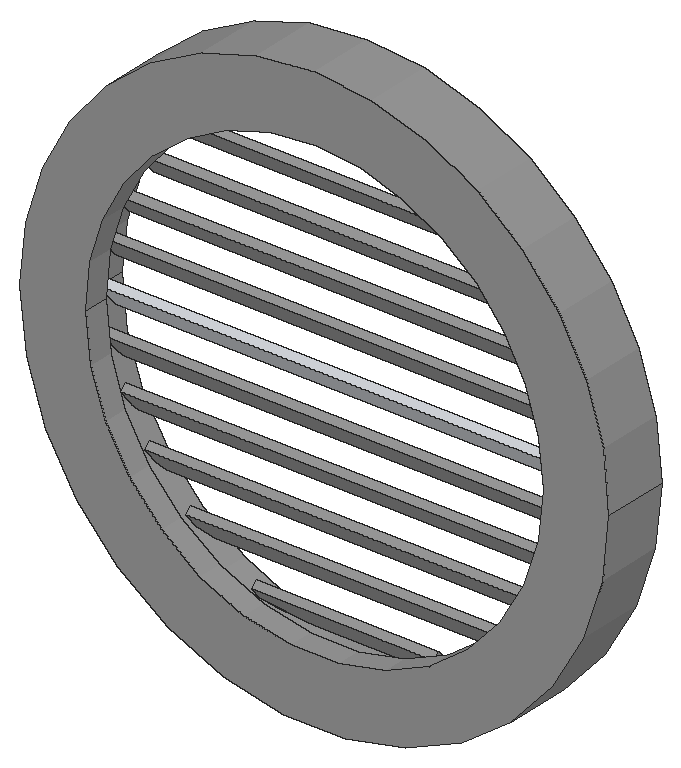
Revit family "round_Ventillator_by ian", category Windows, host Wall, Revit 2015
Parameters
  Height = 4' - 0"
  Default Sill Height = 3' - 0"
  Wall Closure = By host
  Width = 3' - 0"
Reference planes (in)
  plane 1 "Center (Front/Back)": y = 0
  plane 2: z = 0
  plane 3 "Center (Left/Right)": x = 0
  plane 4 "Left": x = -18
  plane 5 "Right": x = 18
  plane 6 "Sill": z = 36
  plane 7 "Top": z = 84
Forms (in)
  Sweep 1, solid, material "WhitePaint"
    path origin (0, 0, 0) x (1, 0, 0) y (0, 0, 1)
      loop
        circle (0, 60.95776) r 9
    profile origin (0, 0, 69.95776) x (0, 0, -1) y (0, -1, 0)
      loop
        line (0, -1) -> (0, -3) -> (1.5, -3) -> (1.5, -1.75) -> (2, -1.75) -> (2, -1) -> (0, -1)
  Extrusion 2, solid, material "WhitePaint"
    sketch origin (0, 38.91934, 13.15853) x (1, 0, 0) y (0, -0.62932, 0.777146)
      loop
        line (7.5, 61.48134) -> (-7.48485, 61.48134) -> (-7.48485, 60.48134) -> (7.5, 60.48134) -> (7.5, 61.48134)
    from -2.55439 to -2.30439
  Extrusion 3, solid
    sketch origin (0, 38.91934, 11.82257) x (1, 0, 0) y (0, -0.62932, 0.777146)
      loop
        line (7.5, 61.48134) -> (-7.48485, 61.48134) -> (-7.48485, 60.48134) -> (7.5, 60.48134) -> (7.5, 61.48134)
    from -2.55439 to -2.30439
  Extrusion 4, solid, material "WhitePaint"
    sketch origin (0, 38.91934, 14.49449) x (1, 0, 0) y (0, -0.62932, 0.777146)
      loop
        line (6.73726, 61.48134) -> (-7, 61.48134) -> (-7, 60.48134) -> (6.73726, 60.48134) -> (6.73726, 61.48134)
    from -2.55439 to -2.30439
  Extrusion 5, solid, material "WhitePaint"
    sketch origin (0, 38.91934, 15.83045) x (1, 0, 0) y (0, -0.62932, 0.777146)
      loop
        line (6.26574, 61.48134) -> (-6.25, 61.48134) -> (-6.25, 60.48134) -> (6.26574, 60.48134) -> (6.26574, 61.48134)
    from -2.55439 to -2.30439
  Extrusion 6, solid, material "WhitePaint"
    sketch origin (0, 38.91934, 17.16641) x (1, 0, 0) y (0, -0.62932, 0.777146)
      loop
        line (5.19695, 61.48134) -> (-5.25, 61.48134) -> (-5.25, 60.48134) -> (5.19695, 60.48134) -> (5.19695, 61.48134)
    from -2.55439 to -2.30439
  Extrusion 7, solid, material "WhitePaint"
    sketch origin (0, 38.91934, 18.50237) x (1, 0, 0) y (0, -0.62932, 0.777146)
      loop
        line (3.5309, 61.48134) -> (-3.5, 61.48134) -> (-3.5, 60.48134) -> (3.5309, 60.48134) -> (3.5309, 61.48134)
    from -2.55439 to -2.30439
  Extrusion 8, solid, material "WhitePaint"
    sketch origin (0, 38.91934, 6.47873) x (1, 0, 0) y (0, -0.62932, 0.777146)
      loop
        line (4.7303, 61.48134) -> (-4.75, 61.48134) -> (-4.75, 60.48134) -> (4.7303, 60.48134) -> (4.7303, 61.48134)
    from -2.55439 to -2.30439
  Extrusion 9, solid, material "WhitePaint"
    sketch origin (0, 38.91934, 5.14277) x (1, 0, 0) y (0, -0.62932, 0.777146)
      loop
        line (2.83922, 61.48134) -> (-2.75, 61.48134) -> (-2.75, 60.48134) -> (2.83922, 60.48134) -> (2.83922, 61.48134)
    from -2.55439 to -2.30439
  Extrusion 10, solid, material "WhitePaint"
    sketch origin (0, 38.91934, 7.81469) x (1, 0, 0) y (0, -0.62932, 0.777146)
      loop
        line (5.90245, 61.48134) -> (-6, 61.48134) -> (-6, 60.48134) -> (5.90245, 60.48134) -> (5.90245, 61.48134)
    from -2.55439 to -2.30439
  Extrusion 11, solid, material "WhitePaint"
    sketch origin (0, 38.91934, 9.15065) x (1, 0, 0) y (0, -0.62932, 0.777146)
      loop
        line (6.80097, 61.48134) -> (-6.75, 61.48134) -> (-6.75, 60.48134) -> (6.80097, 60.48134) -> (6.80097, 61.48134)
    from -2.55439 to -2.30439
  Extrusion 12, solid, material "WhitePaint"
    sketch origin (0, 38.91934, 10.48661) x (1, 0, 0) y (0, -0.62932, 0.777146)
      loop
        line (7.29049, 61.48134) -> (-7.25, 61.48134) -> (-7.25, 60.48134) -> (7.29049, 60.48134) -> (7.29049, 61.48134)
    from -2.55439 to -2.30439
Cuts and joins
  joined: Sweep 1, Extrusion 2, Extrusion 4, Extrusion 5, Extrusion 6, Extrusion 7, Extrusion 8, Extrusion 9, Extrusion 10, Extrusion 11, Extrusion 12
Lines and regions (in)
  Opening 1
    outline origin (-60, -3, 0) x (1, 0, 0) y (0, 0, 1)
      loop
        circle (60, 60.95776) r 9
Text (in)
  text "EXTERIOR" at (-58.6888, 50.90694, 0), in view "Ref. Level"
  text "INTERIOR" at (-58.6888, -37.76638, 0), in view "Ref. Level"
  text "Exterior" at (0, 43.65631, 123.19604), in view "Left"
  text "Exterior" at (0, 18.29385, 125.04747), in view "Right"
Dimensions and locks (in)
  equal spacing: plane 4 "Left", plane 3 "Center (Left/Right)", plane 5 "Right"
  "Width": plane 4 "Left" to plane 5 "Right"
  "Height": plane 6 "Sill" to plane 7 "Top"
  "Default Sill Height": plane 2 to plane 6 "Sill"
  Sweep 1 sketch curve to Sweep 1 sketch curve = 0' - 0 1/2"
  Extrusion 2 sketch curve to Extrusion 2 sketch curve = 0' - 1"
  Extrusion 3 sketch curve to Extrusion 3 sketch curve = 0' - 1"
  Extrusion 4 sketch curve to Extrusion 4 sketch curve = 0' - 1"
  Extrusion 5 sketch curve to Extrusion 5 sketch curve = 0' - 1"
  Extrusion 6 sketch curve to Extrusion 6 sketch curve = 0' - 1"
  Extrusion 7 sketch curve to Extrusion 7 sketch curve = 0' - 1"
  Extrusion 8 sketch curve to Extrusion 8 sketch curve = 0' - 1"
  Extrusion 9 sketch curve to Extrusion 9 sketch curve = 0' - 1"
  Extrusion 10 sketch curve to Extrusion 10 sketch curve = 0' - 1"
  Extrusion 11 sketch curve to Extrusion 11 sketch curve = 0' - 1"
  Extrusion 12 sketch curve to Extrusion 12 sketch curve = 0' - 1"
  aligned and locked: level to plane 2
Automatic sketch dimensions
  Opening 1 sketch curve to plane 3 "Center (Left/Right)" = 0' - 0"
  plane 7 "Top" to Opening 1 sketch curve = 1' - 11.04224"
  Sweep 1 sketch curve to Sweep 1 sketch curve = 0' - 0"  (x2)
  Sweep 1 sketch curve to plane 3 "Center (Left/Right)" = 0' - 0"
  plane 7 "Top" to Sweep 1 sketch curve = 1' - 11.04224"
  Sweep 1 sketch curve to plane 3 "Center (Left/Right)" = 0' - 9"
  Sweep 1 sketch curve to profile plane = 0' - 0"
  Sweep 1 sketch curve to profile plane = 0' - 1 1/2"
  Sweep 1 sketch curve to plane 1 "Center (Front/Back)" = 0' - 3"
  Sweep 1 sketch curve to Sweep 1 sketch curve = 0' - 1 1/4"
  Sweep 1 sketch curve to plane 1 "Center (Front/Back)" = 0' - 1"
  Extrusion 2 sketch curve to plane 3 "Center (Left/Right)" = 0' - 7.48485"
  plane 3 "Center (Left/Right)" to Extrusion 2 sketch curve = 0' - 7 1/2"
  Extrusion 3 sketch curve to plane 3 "Center (Left/Right)" = 0' - 7.48485"
  plane 3 "Center (Left/Right)" to Extrusion 3 sketch curve = 0' - 7 1/2"
  Extrusion 4 sketch curve to plane 3 "Center (Left/Right)" = 0' - 7"
  plane 3 "Center (Left/Right)" to Extrusion 4 sketch curve = 0' - 6.73726"
  Extrusion 5 sketch curve to plane 3 "Center (Left/Right)" = 0' - 6 1/4"
  plane 3 "Center (Left/Right)" to Extrusion 5 sketch curve = 0' - 6.26574"
  Extrusion 6 sketch curve to plane 3 "Center (Left/Right)" = 0' - 5 1/4"
  plane 3 "Center (Left/Right)" to Extrusion 6 sketch curve = 0' - 5.19695"
  Extrusion 7 sketch curve to plane 3 "Center (Left/Right)" = 0' - 3 1/2"
  plane 3 "Center (Left/Right)" to Extrusion 7 sketch curve = 0' - 3.5309"
  Extrusion 8 sketch curve to plane 3 "Center (Left/Right)" = 0' - 4 3/4"
  plane 3 "Center (Left/Right)" to Extrusion 8 sketch curve = 0' - 4.7303"
  Extrusion 9 sketch curve to plane 3 "Center (Left/Right)" = 0' - 2 3/4"
  plane 3 "Center (Left/Right)" to Extrusion 9 sketch curve = 0' - 2.83922"
  Extrusion 10 sketch curve to plane 3 "Center (Left/Right)" = 0' - 6"
  plane 3 "Center (Left/Right)" to Extrusion 10 sketch curve = 0' - 5.90245"
  Extrusion 11 sketch curve to plane 3 "Center (Left/Right)" = 0' - 6 3/4"
  plane 3 "Center (Left/Right)" to Extrusion 11 sketch curve = 0' - 6.80097"
  Extrusion 12 sketch curve to plane 3 "Center (Left/Right)" = 0' - 7 1/4"
  plane 3 "Center (Left/Right)" to Extrusion 12 sketch curve = 0' - 7.29049"
  radius of Opening 1 sketch curve = 0' - 9"
